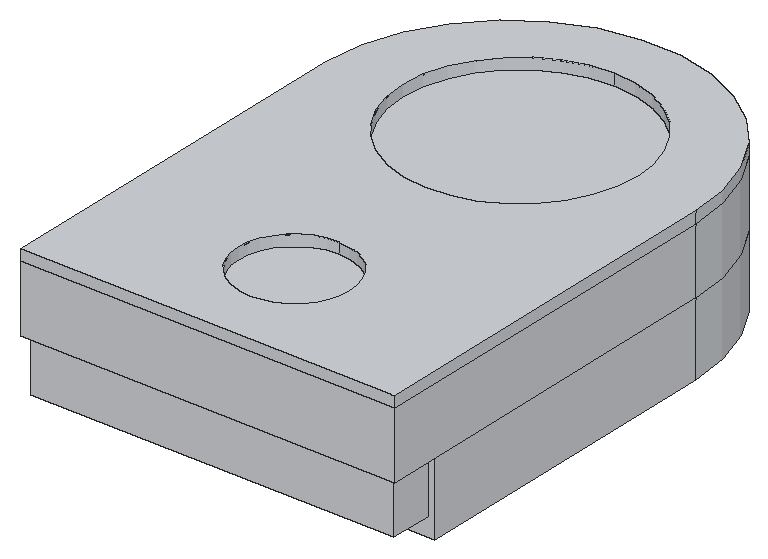
Revit family "Gira_125800", category Electrical Fixtures, host Face, Revit 2017
Family settings
  Host = Face
  Maintain Annotation Orientation = Yes
  Round Connector Dimension = Use Diameter
  Part Type = Normal
  Cut with Voids When Loaded = No
  Shared = No
  Room Calculation Point = No
Parameters (values of type "EB-Lautsprecher Türko")
  Werkstoff = "sonstige"
  URL = "http://katalog.gira.de/de_DE/datenblatt.html?artikelnr=125800"
  Region = "DE"
  Name = "EB-Lautsprecher Türko"
  Manufacturer URL = "https://www.gira.de/"
  Keynote = "Türstation_Schalten und Tasten"
  HeinzeBIM = "https://bimportal.heinze.de/bim/eb-lautsprecher-tuerko/02eae0e13d2e4125ea539ef9fd028be9ded58581"
  HAN = "125800"
  Geeignet für = "Außenstation"
  GTIN = "4010337258001"
  Default Elevation = 1219.2 mm
  Data sheet (1) = "https://katalog.gira.de/de_DE/download.html?artikelnr=125800"
  Category = "Montagezubehör für Türkommunikation"
  Available = "Yes"
Reference planes
  plane 1 "Center (Front/Back)": y = 0
  plane 2: z = 0
  plane 3 "Center (Left/Right)": x = 0
Forms (mm)
  Extrusion 1, solid, detail levels fine
    sketch origin (0, 0, 0) x (1, 0, 0) y (0, 1, 0)
      loop
        line (33.49, -50.461) -> (33.49, 16.971)
        arc (33.49, 16.971) -> (0.419, 50.458) -> (-33.479, 17.809) r 33.49
        line (-33.479, 17.809) -> (-33.479, -50.461) -> (33.49, -50.461)
      loop
        circle (0, 19.471) r 21
      loop
        circle (0, -31.029) r 10
    from 25 to 27
  Extrusion 2, solid, detail levels fine
    sketch origin (0, 0, 0) x (1, 0, 0) y (0, 1, 0)
      loop
        arc (33.49, 16.971) -> (0.419, 50.458) -> (-33.479, 17.809) r 33.49
        line (-33.479, 17.809) -> (-33.479, -50.461) -> (33.49, -50.461) -> (33.49, 16.971)
    from 13 to 25
  Extrusion 3, solid, detail levels fine
    sketch origin (0, 0, 0) x (1, 0, 0) y (0, 1, 0)
      loop
        arc (33.49, 16.971) -> (0.419, 50.458) -> (-33.479, 17.809) r 33.49
        line (-33.479, 17.809) -> (-33.479, -41.508) -> (33.49, -41.508) -> (33.49, 16.971)
    from 0 to 13
  Extrusion 4, solid, detail levels fine
    sketch origin (0, 0, 0) x (1, 0, 0) y (0, 1, 0)
      loop
        line (32.5, -49.379) -> (32.5, -41.879) -> (-32.5, -41.879) -> (-32.5, -49.379) -> (32.5, -49.379)
    from 3.5 to 13
  Extrusion 5, solid, detail levels medium
    sketch origin (0, 0, 0) x (1, 0, 0) y (0, 1, 0)
      loop
        arc (33.49, 16.971) -> (0.419, 50.458) -> (-33.479, 17.809) r 33.49
        line (-33.479, 17.809) -> (-33.479, -50.461) -> (33.49, -50.461) -> (33.49, 16.971)
    from 0 to 27
  Extrusion 6, solid, detail levels coarse
    sketch origin (0, 0, 0) x (1, 0, 0) y (0, 1, 0)
      loop
        line (-33.479, 50.461) -> (-33.479, -50.461) -> (33.49, -50.461) -> (33.49, 50.461) -> (-33.479, 50.461)
    from 0 to 27
Dimensions and locks
  aligned and locked: plane 2 to host face
  aligned and locked: level to host face
  aligned and locked: plane 3 "Center (Left/Right)" to nested 1
  aligned and locked: plane 1 "Center (Front/Back)" to nested 1
Nested families
  nested 1: "Taster mit Türöffner - Beschriftung" at (0, 0, 0), type "Taster mit Türöffner - Beschriftung"
Connectors
  electrical at (0.005, 0, 0)
    settings: on Extrusion 6, index 1, voltage 220 V, apparent load 0 VA, apparent load phase1 0 VA, apparent load phase2 0 VA, apparent load phase3 0 VA, power factor 1, load classification "Other", number of poles 1, system type 30, power factor state 1, is connector primary yes, connector utility no, sub classification motor no, connector description ""
Definition of nested family "Taster mit Türöffner - Beschriftung"
  Reference planes
    plane 1: y = 0
    plane 2: x = 0
  Lines and regions (mm)
    detail lines
      curve 1: line (3, 0, 0) -> (-3, 0, 0)
      curve 2: line (3, 3, 0) -> (3, 0, 0)
      curve 3: line (-3, 3, 0) -> (3, 3, 0)
      curve 4: line (-3, 0, 0) -> (-3, 3, 0)
      curve 5: line (3, 3, 0) -> (-3, 0, 0)
      curve 7: circle (1.899, 1.25, 0) r 0.8 normal (0, 0, 1)
      curve 8: circle (1.899, 1.25, 0) r 0.4 normal (0, 0, 1)
      curve 10: line (-0.152, 2.6, 0) -> (-1.152, 2.6, 0)
      curve 11: line (-1.852, 2.6, 0) -> (-2.552, 2.6, 0)
      curve 12: line (-1.852, 2.6, 0) -> (-1.852, 2.3, 0)
      curve 13: line (-1.152, 2.6, 0) -> (-1.903, 2.326, 0)
    reference lines
      curve 6: line (3, 1.5, 0) -> (-3, 1.5, 0)
      curve 9: line (3.348, 2.6, 0) -> (-3.652, 2.6, 0)
  Dimensions and locks
    curve 2 to curve 4 = 6 mm
    curve 3 to curve 1 = 3 mm
    curve 9 to curve 3 = 0.4 mm
